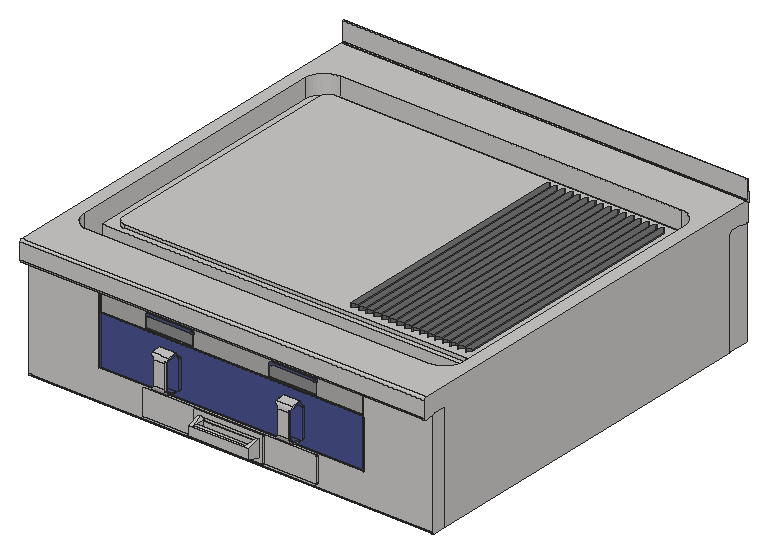
Revit family "QF_ELECTROLUXPROFESSIONAL_588410_MAHOABHOAO", category Specialty Equipment, Revit 2018
Family settings
  Round Connector Dimension = Use Diameter
  Part Type = Normal
  Work Plane-Based = No
  Always vertical = Yes
  Cut with Voids When Loaded = No
  Shared = No
  Room Calculation Point = No
Parameters
  Weight in Pounds = 264.6  # constant formula
  Watts = 15300 VA  # 15300 W
  Volts = 400 V  # constant formula
  URL Cutsheet = ""
  Type Mark [instance] = ""
  Status [instance] = ""
  Specification by User [instance] = ""
  Specification by Manufacturer = ""
  Show Clearance [instance] = yes
  Serial Number = ""
  Seismic Rating = ""
  SMACNA No = ""
  Revision Code [instance] = ""
  Phase = 3  # constant formula
  Omniclass Number and Title = ""
  Number of Poles [instance] = 1
  NAFEM Spec ID Number = ""
  Model = "588410"
  Min Ckt Ampacity = 0 A
  Max Overcurrent Protection = 0 A
  Masterspec = ""
  Manufacturer = "ELECTROLUX"
  Item Number [instance] = ""
  Installed By [instance] = ""
  Identify Quantity as Lot [instance] = yes
  HP = "20.5 HP"
  Furnished By [instance] = ""
  Foodservice Equipment Identifier [instance] = yes
  FL Amps [instance] = if(Phase = 3, Watts / (Volts * 1.73), Watts / Volts)  # 22.1098 A
  Electrical Remarks = "400 V/3N ph/50/60 Hz"  # constant formula
  Electric Connection Type [instance] = ""
  Elec Conn RI Height [instance] = 0 mm
  Elec Conn Connection Height [instance] = 0 mm
  Direct Waste Size = 0"
  Description = "EL.FRYTOP,MIXED PL,1S,BSPL,800X800X250H"
  Cycle [instance] = if([60 Hertz Option], 60 Hz, 50 Hz)  # 60 Hz
  Conn Plug = ""
  Conn Conduit = yes
  CSI MasterFormat = ""
  CSI Master Format = ""
  Apparent Power [instance] = if(Phase = 3, Volts * FL Amps * 1.73, Volts * FL Amps)  # 15300 VA
  60 Hertz Option [instance] = not([50 Hertz Option])  # yes
  50 Hertz Option [instance] = no
Reference planes
  plane 1 "BACK": y = -100
  plane 2: z = 0
  plane 3 "LEFT": x = 0
  plane 4 "RIGHT": x = 800
  plane 5 "FRONT": y = -900
  plane 6 "TOP": z = 250
  plane 7: x = 400
  plane 8: y = -500
  plane 9: z = 582.185
  plane 10: y = -1330
Forms (mm)
  Extrusion 1, solid, material "QF_Finishes_Stainless Steel"
    sketch origin (0, -487.128, 0) x (0, 1, 0) y (0, 0, 1)
      loop
        line (383.128, 250) -> (-408.872, 250)
        arc (-408.872, 250) -> (-411.7, 248.828) -> (-412.872, 246) r 4
        line (-412.872, 246) -> (-412.872, 214)
        arc (-412.872, 214) -> (-411.443, 210.936) -> (-408.177, 210.061) r 4
        line (-408.177, 210.061) -> (-391.509, 213) -> (-366.872, 213) -> (-366.872, 0) -> (341.128, 0) -> (341.128, 213) -> (365.765, 213) -> (382.433, 210.061)
        arc (382.433, 210.061) -> (385.699, 210.936) -> (387.128, 214) r 4
        line (387.128, 214) -> (387.128, 246)
        arc (387.128, 246) -> (385.956, 248.828) -> (383.128, 250) r 4
    from 0 to 800
  Extrusion 2, void
    sketch origin (653.786, -55.952, 250) x (1, 0, 0) y (0, -1, 0)
      loop
        line (-590.636, 133.048) -> (83.064, 133.048)
        arc (83.064, 133.048) -> (110.04, 144.222) -> (121.214, 171.198) r 38.15
        line (121.214, 171.198) -> (121.214, 716.572)
        arc (121.214, 716.572) -> (109.944, 743.779) -> (82.737, 755.048) r 38.476
        line (82.737, 755.048) -> (-591.786, 755.048)
        arc (-591.786, 755.048) -> (-617.949, 744.211) -> (-628.786, 718.048) r 37
        line (-628.786, 718.048) -> (-628.786, 171.198)
        arc (-628.786, 171.198) -> (-617.613, 144.222) -> (-590.636, 133.048) r 38.15
    from 0 to 37
  Extrusion 3, void
    sketch origin (1307.573, -7.904, 213) x (0, 1, 0) y (1, 0, 0)
      loop
        line (-721.846, -532.573) -> (-764.62, -532.573)
        arc (-764.62, -532.573) -> (-791.827, -543.842) -> (-803.096, -571.049) r 38.476
        line (-803.096, -571.049) -> (-803.096, -1245.573)
        arc (-803.096, -1245.573) -> (-792.259, -1271.736) -> (-766.096, -1282.573) r 37
        line (-766.096, -1282.573) -> (-721.846, -1282.573) -> (-721.846, -532.573)
    from 0 to 25.6
  Extrusion 4, void
    sketch origin (1612.573, -7.904, 187.4) x (-1, 0, 0) y (0, 1, 0)
      loop
        circle (1212.573, -762.096) r 22.248
    from 0 to 92
  Extrusion 5, solid, material "QF_Finishes_Stainless Steel"
    sketch origin (0, -754, 0) x (1, 0, 0) y (0, -1, 0)
      loop
        circle (755, -69) r 6.35
    from 0 to 3.2
  Extrusion 6, solid, material "QF_Door-Drawer Clearances", visible <- "Show Clearance", detail levels coarse
    sketch origin (437.203, -881.593, 8.62) x (0, 0, 1) y (-1, 0, 0)
      loop
        line (1.973, -134.295) -> (49.317, -134.295)
        arc (49.317, -134.295) -> (50.776, -133.691) -> (51.38, -132.232) r 2.063
        line (51.38, -132.232) -> (51.38, 206.852)
        arc (51.38, 206.852) -> (50.88, 208.549) -> (49.541, 209.705) r 3.133
        line (49.541, 209.705) -> (3.067, 209.705)
        arc (3.067, 209.705) -> (0.898, 208.807) -> (0, 206.638) r 3.067
        line (0, 206.638) -> (0, -132.322)
        arc (0, -132.322) -> (0.578, -133.717) -> (1.973, -134.295) r 1.973
    from 0 to 448.407
  Extrusion 7, solid, material "QF_Finishes_Stainless Steel"
    sketch origin (0, 0, 0) x (0, 1, 0) y (0, 0, 1)
      loop
        line (-102.951, 2) -> (-102.951, 210.133)
        arc (-102.951, 210.133) -> (-103.795, 210.009) -> (-104.646, 210.066) r 4
        line (-104.646, 210.066) -> (-121.287, 213) -> (-145, 213) -> (-145, 0) -> (-104.951, 0)
        arc (-104.951, 0) -> (-103.537, 0.586) -> (-102.951, 2) r 2
      loop
        arc (-101.951, 252.006) -> (-102.537, 250.592) -> (-103.951, 250.006) r 2
        arc (-103.951, 250.006) -> (-101.172, 248.828) -> (-100, 246) r 4
        line (-100, 246) -> (-100, 288.006) -> (-101.951, 288.006) -> (-101.951, 252.006)
    from 800 to 0
Cuts and joins
  Extrusion 2, Extrusion 3, Extrusion 4 cuts Extrusion 1
Lines and regions (mm)
  symbolic lines
    curve 1: line (261.519, -902.326, 0) -> (261.519, -900, 0)
    curve 2: spline (267.188, -903.73, 0) -> (266.709, -903.657, 0) -> (266.231, -903.575, 0) -> (265.754, -903.486, 0) -> (265.278, -903.389, 0) -> (264.804, -903.283, 0) -> (264.33, -903.17, 0) -> (263.858, -903.049, 0) -> (263.387, -902.92, 0) -> (262.918, -902.783, 0) -> (262.45, -902.638, 0) -> (261.984, -902.486, 0) -> (261.519, -902.326, 0)
    curve 3: line (293.735, -902.326, 0) -> (293.735, -900, 0)
    curve 4: spline (293.735, -902.326, 0) -> (293.27, -902.486, 0) -> (292.804, -902.638, 0) -> (292.337, -902.783, 0) -> (291.867, -902.92, 0) -> (291.396, -903.049, 0) -> (290.924, -903.17, 0) -> (290.451, -903.283, 0) -> (289.976, -903.389, 0) -> (289.5, -903.486, 0) -> (289.023, -903.575, 0) -> (288.545, -903.657, 0) -> (288.066, -903.73, 0)
    curve 5: line (267.188, -903.73, 0) -> (288.066, -903.73, 0)
    curve 6: line (538.481, -902.326, 0) -> (538.481, -900, 0)
    curve 7: spline (532.812, -903.73, 0) -> (533.291, -903.657, 0) -> (533.769, -903.575, 0) -> (534.246, -903.486, 0) -> (534.722, -903.389, 0) -> (535.196, -903.283, 0) -> (535.67, -903.17, 0) -> (536.142, -903.049, 0) -> (536.613, -902.92, 0) -> (537.082, -902.783, 0) -> (537.55, -902.638, 0) -> (538.016, -902.486, 0) -> (538.481, -902.326, 0)
    curve 8: line (506.265, -902.326, 0) -> (506.265, -900, 0)
    curve 9: spline (506.265, -902.326, 0) -> (506.73, -902.486, 0) -> (507.196, -902.638, 0) -> (507.663, -902.783, 0) -> (508.133, -902.92, 0) -> (508.604, -903.049, 0) -> (509.076, -903.17, 0) -> (509.549, -903.283, 0) -> (510.024, -903.389, 0) -> (510.5, -903.486, 0) -> (510.977, -903.575, 0) -> (511.455, -903.657, 0) -> (511.934, -903.73, 0)
    curve 10: line (532.812, -903.73, 0) -> (511.934, -903.73, 0)
    curve 11: line (25, -774, 0) -> (25, -227.15, 0)
    curve 12: arc (25, -227.15, 0) -> (36.174, -200.174, 0) -> (63.15, -189, 0) r 38.15
    curve 13: line (63.15, -189, 0) -> (736.85, -189, 0)
    curve 14: arc (736.85, -189, 0) -> (763.826, -200.174, 0) -> (775, -227.15, 0) r 38.15
    curve 15: line (775, -227.15, 0) -> (775, -772.524, 0)
    curve 16: arc (775, -772.524, 0) -> (763.731, -799.731, 0) -> (736.524, -811, 0) r 38.476
    curve 17: line (736.524, -811, 0) -> (62, -811, 0)
    curve 18: arc (62, -811, 0) -> (35.837, -800.163, 0) -> (25, -774, 0) r 37
    curve 19: line (775, -729.75, 0) -> (25, -729.75, 0)
    curve 20: circle (400, -770, 0) r 22.248 normal (0, 0, -1)
    curve 21: line (0, -100, 0) -> (800, -100, 0)
    curve 22: line (0, -900, 0) -> (0, -100, 0)
    curve 23: line (800, -900, 0) -> (0, -900, 0)
    curve 24: line (800, -100, 0) -> (800, -900, 0)
    curve 25: line (347.608, -908.767, 0) -> (450.042, -908.767, 0)
    curve 26: line (450.042, -908.767, 0) -> (451.588, -900, 0)
    curve 27: line (347.608, -908.767, 0) -> (346.062, -900, 0)
    curve 31: line (736.85, -199.163, 0) -> (63.15, -199.163, 0)
    curve 32: arc (63.15, -199.163, 0) -> (50.316, -204.479, 0) -> (45, -217.313, 0) r 18.15
    curve 33: line (45, -217.313, 0) -> (45, -701.437, 0)
    curve 34: arc (45, -701.437, 0) -> (50.316, -714.271, 0) -> (63.15, -719.587, 0) r 18.15
    curve 35: line (63.15, -719.587, 0) -> (736.85, -719.587, 0)
    curve 36: arc (736.85, -719.587, 0) -> (749.684, -714.271, 0) -> (755, -701.437, 0) r 18.15
    curve 37: line (755, -701.437, 0) -> (755, -217.313, 0)
    curve 38: arc (755, -217.313, 0) -> (749.684, -204.479, 0) -> (736.85, -199.163, 0) r 18.15
  symbolic lines, style "QF_Door-Drawer Clearances"
    curve 28: line (227.498, -1330, 0) -> (227.498, -900, 0)
    curve 29: line (227.498, -1330, 0) -> (571.498, -1330, 0)
    curve 30: line (571.498, -1330, 0) -> (571.498, -900, 0)
Dimensions and locks
  plane 3 "LEFT" to plane 4 "RIGHT" = 800 mm
  plane 5 "FRONT" to plane 1 "BACK" = 800 mm
  equal spacing: plane 3 "LEFT", plane 7, plane 4 "RIGHT"
  equal spacing: plane 5 "FRONT", plane 8, plane 1 "BACK"
  plane 6 "TOP" to level = 250 mm  (x2)
  plane 1 "BACK" to plane 5 "FRONT" = 800 mm
  Extrusion 5 sketch curve to plane 1 "BACK" = 585 mm
  Extrusion 5 sketch curve to plane 4 "RIGHT" = 45 mm
  plane 5 "FRONT" to plane 10 = 430 mm
  aligned and locked: level to plane 2
  aligned and locked: Extrusion 6 to plane 10
  aligned and locked: cut or joined group of Extrusion 1, Extrusion 2, Extrusion 3, Extrusion 4 to plane 4 "RIGHT"
  aligned and locked: plane 7 to nested 1
  aligned and locked: Extrusion 7 to plane 4 "RIGHT"
Automatic sketch dimensions
  Extrusion 1 to Extrusion 2 sketch curve = 85 mm  (x2)
  Extrusion 1 to Extrusion 2 sketch curve = 122 mm
  Extrusion 1 to Extrusion 2 sketch curve = 25 mm
  Extrusion 2 sketch curve to Extrusion 2 sketch curve = 38.15 mm  (x2)
  Extrusion 1 to Extrusion 2 sketch curve = 123.476 mm
  Extrusion 2 sketch curve to Extrusion 2 sketch curve = 674.524 mm
  Extrusion 1 sketch curve to plane 5 "FRONT" = 0 mm
  Extrusion 1 sketch curve to plane 6 "TOP" = 0 mm
  Extrusion 1 sketch curve to level = 0 mm
  Extrusion 1 sketch curve to plane 1 "BACK" = 0 mm
  Extrusion 1 sketch curve to plane 6 "TOP" = 37 mm  (x2)
  Extrusion 1 sketch curve to plane 5 "FRONT" = 4 mm
  Extrusion 1 sketch curve to plane 5 "FRONT" = 21.363 mm
  Extrusion 1 sketch curve to plane 5 "FRONT" = 46 mm
  plane 1 "BACK" to Extrusion 1 sketch curve = 21.363 mm
  plane 1 "BACK" to Extrusion 1 sketch curve = 4 mm  (x2)
  Extrusion 1 sketch curve to Extrusion 1 sketch curve = 4 mm
  Extrusion 1 sketch curve to Extrusion 1 sketch curve = 0.695 mm
  Extrusion 1 sketch curve to Extrusion 1 sketch curve = 0 mm  (x4)
  plane 1 "BACK" to Extrusion 1 sketch curve = 4.695 mm
  Extrusion 1 sketch curve to Extrusion 1 sketch curve = 1 mm  (x2)
  plane 1 "BACK" to Extrusion 1 sketch curve = 46 mm
  Extrusion 3 sketch curve to Extrusion 2 = 81.25 mm
  Extrusion 2 to Extrusion 3 sketch curve = 0 mm  (x2)
  Extrusion 3 sketch curve to Extrusion 3 sketch curve = 37 mm
  Extrusion 3 sketch curve to Extrusion 3 sketch curve = 674.524 mm
  Extrusion 3 sketch curve to Extrusion 2 = 38.476 mm
  Extrusion 4 sketch curve to Extrusion 3 = 41 mm
  Extrusion 4 sketch curve to Extrusion 3 = 375 mm
  plane 1 "BACK" to curve 21 = 0 mm
  curve 21 to plane 4 "RIGHT" = 0 mm
  curve 28 to plane 10 = 0 mm
  curve 22 to plane 3 "LEFT" = 0 mm
  plane 5 "FRONT" to curve 30 = 0 mm
  plane 4 "RIGHT" to curve 15 = 25 mm
  curve 15 to curve 13 = 38.15 mm
  curve 16 to curve 17 = 38.476 mm
  plane 5 "FRONT" to curve 6 = 2.326 mm
  plane 7 to curve 6 = 138.481 mm
  plane 5 "FRONT" to curve 10 = 3.73 mm
  curve 7 to curve 10 = 5.669 mm
  plane 5 "FRONT" to curve 26 = 8.767 mm
  curve 7 to curve 26 = 82.77 mm
  curve 10 to curve 25 = 61.891 mm
  plane 5 "FRONT" to curve 8 = 2.326 mm
  curve 10 to curve 8 = 5.669 mm
  plane 5 "FRONT" to curve 3 = 2.326 mm
  curve 3 to plane 7 = 106.265 mm
  plane 5 "FRONT" to curve 5 = 3.73 mm
  curve 3 to curve 5 = 5.669 mm
  curve 27 to curve 5 = 59.542 mm
  curve 25 to curve 5 = 80.42 mm
  plane 5 "FRONT" to curve 1 = 2.326 mm
  curve 2 to curve 1 = 5.669 mm
  plane 3 "LEFT" to curve 13 = 63.15 mm
  plane 3 "LEFT" to curve 17 = 62 mm
  plane 3 "LEFT" to curve 28 = 227.498 mm
  plane 3 "LEFT" to curve 11 = 25 mm
  plane 4 "RIGHT" to curve 30 = 228.502 mm
  curve 6 to curve 7 = 9.839 mm
  curve 7 to curve 9 = 12.538 mm
  curve 9 to curve 26 = 64.516 mm
  plane 5 "FRONT" to curve 4 = 4.032 mm
  curve 5 to curve 4 = 4.17 mm
  curve 27 to curve 4 = 62.166 mm
  curve 4 to curve 2 = 12.538 mm
  curve 20 to curve 18 = 338 mm
  plane 1 "BACK" to curve 13 = 89 mm
  curve 15 to plane 5 "FRONT" = 127.476 mm
  curve 19 to curve 18 = 44.25 mm
  curve 20 to curve 18 = 4 mm
  curve 7 to plane 5 "FRONT" = 39.101 mm
  curve 9 to curve 7 = 0 mm
  curve 2 to curve 4 = 0 mm
  level to Extrusion 6 sketch curve = 8.62 mm
  level to Extrusion 6 sketch curve = 57.937 mm
  plane 7 to Extrusion 6 sketch curve = 171.498 mm
  Extrusion 6 sketch curve to Extrusion 6 sketch curve = 1.973 mm
  Extrusion 6 sketch curve to Extrusion 6 sketch curve = 3.067 mm
  Extrusion 6 sketch curve to Extrusion 6 sketch curve = 46.474 mm
  Extrusion 6 sketch curve to Extrusion 6 sketch curve = 2.063 mm
  Extrusion 6 sketch curve to Extrusion 6 sketch curve = 3.133 mm
  Extrusion 6 sketch curve to plane 7 = 169.435 mm
  Extrusion 7 sketch curve to level = 0 mm
  Extrusion 7 sketch curve to plane 1 "BACK" = 0 mm  (x2)
  level to Extrusion 7 sketch curve = 2 mm
  Extrusion 7 sketch curve to plane 6 "TOP" = 0 mm
  plane 1 "BACK" to Extrusion 7 sketch curve = 1.951 mm
  plane 1 "BACK" to Extrusion 7 sketch curve = 2.951 mm
  Extrusion 7 sketch curve to Extrusion 7 sketch curve = 18.335 mm
  Extrusion 7 sketch curve to Extrusion 7 sketch curve = 40.049 mm
  Extrusion 7 sketch curve to Extrusion 7 sketch curve = 1.695 mm
  Extrusion 7 sketch curve to Extrusion 7 sketch curve = 0 mm  (x3)
  plane 1 "BACK" to Extrusion 7 sketch curve = 4 mm
  plane 1 "BACK" to Extrusion 7 sketch curve = 3.951 mm
  Extrusion 7 sketch curve to Extrusion 7 sketch curve = 2 mm
  Extrusion 7 sketch curve to Extrusion 7 sketch curve = 35.867 mm
  Extrusion 7 sketch curve to plane 6 "TOP" = 37 mm
  plane 6 "TOP" to Extrusion 7 sketch curve = 2.006 mm
  Extrusion 7 sketch curve to Extrusion 7 sketch curve = 36 mm
  Extrusion 7 sketch curve to Extrusion 7 sketch curve = 0.066 mm
  plane 4 "RIGHT" to curve 37 = 45 mm
  plane 4 "RIGHT" to curve 31 = 63.15 mm
  plane 1 "BACK" to curve 31 = 99.163 mm
  curve 36 to curve 35 = 18.15 mm
  curve 31 to curve 13 = 0 mm
  curve 35 to curve 19 = 38.15 mm
  curve 34 to curve 33 = 18.15 mm
  curve 33 to curve 19 = 28.313 mm
  radius of Extrusion 4 sketch curve = 22.248 mm
  radius of Extrusion 5 sketch curve = 6.35 mm
  radius of curve 20 = 22.248 mm
Nested families
  nested 1: "EG_800_800 Front Panel with Center Grease Trap" at (402.376, -854, -650), type "EG_800_800 Front Panel with Center Grease Trap"
    with Width 800 mm
  nested 2: "EFTU_800_800 mm Half Grate" at (400, -409.375, -675), type "EFTU_800_800 mm Half Grate"
Connectors
  electrical at (755, -685, -3.2), driven by "Volts", driven by "Watts"
    settings: on Extrusion 5, index 1, voltage 400 V, apparent load 15300 VA, apparent load phase1 0 VA, apparent load phase2 0 VA, apparent load phase3 0 VA, power factor 1, load classification "Other", number of poles 1, system type 30, power factor state 1, is connector primary yes, connector utility no, sub classification motor no, connector description "ELECTRICAL CONNECTION"
Definition of nested family "EG_800_800 Front Panel with Center Grease Trap"
  Parameters
    Width [instance] = 800 mm
  Reference planes
    plane 1 "Center (Front/Back)": y = 0
    plane 2: z = 0
    plane 3 "Center (Left/Right)": x = -2.376
    plane 4: x = -402.376
    plane 5: x = 397.624
  Forms (mm)
    Extrusion 1, solid
      sketch origin (833.217, 829.203, -1.25) x (0, 1, 0) y (0, 0, 1)
        loop
          arc (-854.203, 654.25) -> (-853.324, 652.129) -> (-851.203, 651.25) r 3
          line (-851.203, 651.25) -> (-829.203, 651.25) -> (-829.203, 864.25) -> (-854.203, 864.25) -> (-854.203, 654.25)
      from -1235.593 to -435.593
    Extrusion 2, void
      sketch origin (33.217, 829.203, -1.25) x (1, 0, 0) y (0, 0, 1)
        loop
          line (-298.093, 855.116) -> (-298.093, 713.116) -> (226.907, 713.116) -> (226.907, 855.116) -> (-298.093, 855.116)
      from 848.59 to 854.203
  Cuts and joins
    Extrusion 2 cuts Extrusion 1
  Dimensions and locks
    equal spacing: plane 5, plane 3 "Center (Left/Right)", plane 4
    "Width": plane 5 to plane 4
    aligned and locked: cut or joined group of Extrusion 1, Extrusion 2 to plane 4
    aligned and locked: plane 5 to cut or joined group of Extrusion 1, Extrusion 2
    aligned and locked: plane 3 "Center (Left/Right)" to nested 2
    aligned and locked: cut or joined group of Extrusion 1, Extrusion 2 to nested 2
  Automatic sketch dimensions
    Extrusion 1 sketch curve to plane 1 "Center (Front/Back)" = 0 mm
    plane 1 "Center (Front/Back)" to Extrusion 1 sketch curve = 22 mm
    Extrusion 1 sketch curve to Extrusion 1 sketch curve = 3 mm
    level to Extrusion 1 sketch curve = 650 mm
    Extrusion 1 sketch curve to Extrusion 1 sketch curve = 210 mm
    plane 4 to Extrusion 2 sketch curve = 137.5 mm
    Extrusion 2 sketch curve to plane 5 = 137.5 mm
    level to Extrusion 2 sketch curve = 711.866 mm
    Extrusion 2 sketch curve to Extrusion 2 sketch curve = 142 mm
  Nested families
    nested 1: "Range Control Handle" at (-124.522, -28.137, -209.113) x (-1, 0, 0) z (0, 0, 1), type "Range Control Handle"
    nested 2: "800 Panel - Glass conrol panel" at (-30.376, 280.644, 2.752), type "800 Panel - Glass conrol panel"
      with Width 525 mm
    nested 3: "800 Panel - Grease trap door" at (65.223, -25, 0.608) x (-1, 0, 0) z (0, 0, 1), type "800 Panel - Grease trap door"
    nested 4: "Range Control Handle" at (119.771, -28.137, -209.113), type "Range Control Handle"
  Definition of nested family "Range Control Handle"
    Reference planes
      plane 1 "Center (Front/Back)": y = 0
      plane 2: z = 0
      plane 3 "Center (Left/Right)": x = 0
      plane 4: z = 971.092
    Forms (mm)
      Extrusion 1, solid
        sketch origin (-746.28, 380.497, 208.931) x (-1, 0, 0) y (0, 0, 1)
          loop
            line (-770.101, 786.798) -> (-770.101, 731.649)
            arc (-770.101, 731.649) -> (-769.759, 730.563) -> (-768.855, 729.87) r 1.893
            line (-768.855, 729.87) -> (-763.474, 727.911) -> (-729.81, 727.911) -> (-724.428, 729.87)
            arc (-724.428, 729.87) -> (-723.525, 730.563) -> (-723.183, 731.649) r 1.893
            line (-723.183, 731.649) -> (-723.183, 786.798)
            arc (-723.183, 786.798) -> (-723.529, 787.894) -> (-724.44, 788.593) r 1.91
            line (-724.44, 788.593) -> (-729.683, 790.819) -> (-763.601, 790.819) -> (-768.844, 788.593)
            arc (-768.844, 788.593) -> (-769.755, 787.894) -> (-770.101, 786.798) r 1.91
        from -382.35 to -378.852
      Sweep 2, solid
        path origin (-746.788, 380.496, 208.091) x (0, -1, 0) y (0, 0, 1)
          loop
            line (379.775, 793.281) -> (395.661, 791.048)
            arc (395.661, 791.048) -> (397.781, 787.377) -> (398.517, 783.202) r 12.207
            line (398.517, 783.202) -> (398.517, 737.368)
            arc (398.517, 737.368) -> (397.781, 733.193) -> (395.661, 729.522) r 12.207
            line (395.661, 729.522) -> (379.775, 727.289)
        profile origin (-746.788, -7.222, 1000.256) x (0, -0.139173, 0.990268) y (-1, 0, 0)
          loop
            line (0.782, -763.123) -> (0.782, -730.907) -> (-1.322, -730.907) -> (-1.322, -763.123) -> (0.782, -763.123)
      Sweep 3, solid
        path origin (-746.788, 380.715, 207.832) x (0, -1, 0) y (0, 0, 1)
          loop
            line (380.478, 795.442) -> (397.218, 793.09)
            arc (397.218, 793.09) -> (399.929, 788.473) -> (400.871, 783.202) r 15.207
            line (400.871, 783.202) -> (400.871, 737.584)
            arc (400.871, 737.584) -> (399.914, 732.274) -> (397.164, 727.633) r 15.207
            line (397.164, 727.633) -> (380.601, 725.305)
        profile origin (-746.788, -8.132, 1002.099) x (0, -0.139173, 0.990268) y (-1, 0, 0)
          loop
            line (0.782, -763.123) -> (0.782, -730.907) -> (-1.322, -730.907) -> (-1.322, -763.123) -> (0.782, -763.123)
      Extrusion 4, void
        sketch origin (889.253, 220.666, 207.993) x (1, 0, 0) y (0, 0, 1)
          loop
            line (-943.038, 816.854) -> (-943.038, 703.686) -> (-899.466, 734.196) -> (-899.466, 786.344) -> (-943.038, 816.854)
        from 230.636 to 242.25
      Extrusion 5, void
        sketch origin (-888.8, 220.666, 207.993) x (-1, 0, 0) y (0, 0, -1)
          loop
            line (-943.038, -816.854) -> (-899.466, -786.344) -> (-899.466, -734.196) -> (-943.038, -703.686) -> (-943.038, -816.854)
        from 230.636 to 242.25
      Extrusion 6, solid
        sketch origin (0, 0, 0) x (1, 0, 0) y (0, 0, 1)
          loop
            circle (0, 971.092) r 7.736
        from -3.137 to -1.645
    Cuts and joins
      Extrusion 4, Extrusion 5 cuts Sweep 3
      Extrusion 4, Extrusion 5 cuts Sweep 2
      joined: Extrusion 1, Extrusion 6
    Lines and regions (mm)
      symbolic lines
        curve 1: line (23.821, 1.645, 0) -> (-23.097, 1.645, 0)
        curve 2: line (16.334, -1.853, 0) -> (23.821, -1.853, 0)
        curve 3: line (-15.881, -19.189, 0) -> (-15.881, -1.853, 0)
        curve 4: line (-23.097, -1.853, 0) -> (-15.881, -1.853, 0)
        curve 5: line (16.334, -19.189, 0) -> (16.334, -1.853, 0)
        curve 6: spline (-15.881, -19.189, 0) -> (-15.417, -19.349, 0) -> (-14.951, -19.501, 0) -> (-14.483, -19.646, 0) -> (-14.014, -19.783, 0) -> (-13.543, -19.912, 0) -> (-13.071, -20.033, 0) -> (-12.597, -20.146, 0) -> (-12.122, -20.251, 0) -> (-11.646, -20.349, 0) -> (-11.169, -20.438, 0) -> (-10.691, -20.52, 0) -> (-10.213, -20.593, 0)
        curve 7: spline (10.666, -20.593, 0) -> (11.144, -20.52, 0) -> (11.622, -20.438, 0) -> (12.099, -20.349, 0) -> (12.575, -20.251, 0) -> (13.05, -20.146, 0) -> (13.524, -20.033, 0) -> (13.996, -19.912, 0) -> (14.467, -19.783, 0) -> (14.936, -19.646, 0) -> (15.404, -19.501, 0) -> (15.87, -19.349, 0) -> (16.334, -19.189, 0)
        curve 8: line (-10.213, -20.938, 0) -> (10.716, -20.938, 0)
        curve 9: line (-23.097, 1.645, 0) -> (-23.097, -1.853, 0)
        curve 10: line (23.821, 1.645, 0) -> (23.821, -1.853, 0)
  Definition of nested family "800 Panel - Glass conrol panel"
    Parameters
      Width [instance] = 525 mm
    Reference planes
      plane 1 "Center (Front/Back)": y = 0
      plane 2: z = 0
      plane 3 "Center (Left/Right)": x = 28
      plane 4: x = -234.5
      plane 5: x = 290.5
    Forms (mm)
      Extrusion 1, solid
        sketch origin (378.286, 0, 0.617) x (1, 0, 0) y (0, 0, 1)
          loop
            line (-612.786, 806.791) -> (-612.786, 708.497) -> (-87.786, 708.497) -> (-87.786, 806.791) -> (-612.786, 806.791)
        from 300.031 to 304.8
      Extrusion 2, solid
        sketch origin (378.286, 0, 0.617) x (1, 0, 0) y (0, 0, 1)
          loop
            line (-612.786, 850.497) -> (-612.786, 806.791) -> (-87.786, 806.791) -> (-87.786, 850.497) -> (-612.786, 850.497)
        from 300.031 to 304.8
      Extrusion 3, void
        sketch origin (378.286, 0, 0.617) x (1, 0, 0) y (0, 0, 1)
          loop
            line (-610.128, 847.565) -> (-610.128, 710.699) -> (-90.696, 710.699) -> (-90.696, 847.565) -> (-610.128, 847.565)
        from 303.697 to 304.8
      Extrusion 4, solid
        sketch origin (-430.455, 1.101, -0.633) x (-1, 0, 0) y (0, 0, -1)
          loop
            line (-289.431, -812.62) -> (-383.186, -812.62) -> (-383.186, -834.177) -> (-378.269, -834.177) -> (-376.469, -835.977) -> (-296.039, -835.977) -> (-294.24, -834.177) -> (-289.431, -834.177) -> (-289.431, -812.62)
        from 304.798 to 306.745
      Extrusion 5, solid
        sketch origin (-430.455, 1.101, -0.633) x (-1, 0, 0) y (0, 0, -1)
          loop
            line (-378.269, -834.177) -> (-383.078, -834.177)
            arc (-383.078, -834.177) -> (-381.942, -838.747) -> (-377.686, -840.763) r 5.5
            line (-377.686, -840.763) -> (-294.98, -840.763)
            arc (-294.98, -840.763) -> (-290.706, -838.752) -> (-289.529, -834.177) r 5.549
            line (-289.529, -834.177) -> (-294.24, -834.177) -> (-296.039, -835.977) -> (-376.469, -835.977) -> (-378.269, -834.177)
        from 304.798 to 306.745
      Extrusion 6, solid
        sketch origin (486.455, 1.101, -0.633) x (1, 0, 0) y (0, 0, 1)
          loop
            line (-289.431, 812.62) -> (-289.431, 834.177) -> (-294.24, 834.177) -> (-296.039, 835.977) -> (-376.469, 835.977) -> (-378.269, 834.177) -> (-383.186, 834.177) -> (-383.186, 812.62) -> (-289.431, 812.62)
        from 304.798 to 306.745
      Extrusion 7, solid
        sketch origin (486.455, 1.101, -0.633) x (1, 0, 0) y (0, 0, 1)
          loop
            line (-378.269, 834.177) -> (-376.469, 835.977) -> (-296.039, 835.977) -> (-294.24, 834.177) -> (-289.529, 834.177)
            arc (-289.529, 834.177) -> (-290.706, 838.752) -> (-294.98, 840.763) r 5.549
            line (-294.98, 840.763) -> (-377.686, 840.763)
            arc (-377.686, 840.763) -> (-381.942, 838.747) -> (-383.078, 834.177) r 5.5
            line (-383.078, 834.177) -> (-378.269, 834.177)
        from 304.798 to 306.745
    Cuts and joins
      Extrusion 3 cuts Extrusion 1
      Extrusion 3 cuts Extrusion 2
    Dimensions and locks
      "Width": plane 5 to plane 4
      equal spacing: plane 5, plane 3 "Center (Left/Right)", plane 4
      aligned and locked: Extrusion 1 to Extrusion 2
      aligned and locked: Extrusion 5 to Extrusion 4
      aligned and locked: plane 5 to cut or joined group of Extrusion 1, Extrusion 3
      aligned and locked: plane 5 to cut or joined group of Extrusion 2, Extrusion 3
      aligned and locked: cut or joined group of Extrusion 1, Extrusion 3 to plane 4
      aligned and locked: cut or joined group of Extrusion 2, Extrusion 3 to plane 4
      aligned and locked: Extrusion 7 to Extrusion 6
    Automatic sketch dimensions
      Extrusion 1 sketch curve to plane 4 = 0 mm
      Extrusion 1 sketch curve to plane 5 = 0 mm
      level to Extrusion 1 sketch curve = 709.114 mm
      Extrusion 1 sketch curve to Extrusion 1 sketch curve = 98.294 mm
      Extrusion 2 sketch curve to plane 4 = 0 mm
      Extrusion 2 sketch curve to plane 5 = 0 mm
      level to Extrusion 2 sketch curve = 807.408 mm
      Extrusion 2 sketch curve to Extrusion 2 sketch curve = 43.706 mm
      plane 4 to Extrusion 3 sketch curve = 2.658 mm
      level to Extrusion 3 sketch curve = 711.316 mm
      Extrusion 3 sketch curve to plane 5 = 2.909 mm
      Extrusion 3 sketch curve to Extrusion 3 sketch curve = 136.866 mm
      Extrusion 4 sketch curve to plane 3 "Center (Left/Right)" = 75.269 mm
      plane 4 to Extrusion 4 sketch curve = 100.084 mm
      level to Extrusion 4 sketch curve = 835.343 mm
      Extrusion 4 sketch curve to Extrusion 4 sketch curve = 4.917 mm
      Extrusion 4 sketch curve to Extrusion 4 sketch curve = 1.8 mm  (x4)
      Extrusion 4 sketch curve to Extrusion 4 sketch curve = 4.809 mm
      Extrusion 4 sketch curve to Extrusion 4 sketch curve = 21.557 mm
      Extrusion 5 sketch curve to plane 3 "Center (Left/Right)" = 75.377 mm
      Extrusion 5 sketch curve to plane 3 "Center (Left/Right)" = 80.769 mm
      level to Extrusion 5 sketch curve = 840.129 mm
      Extrusion 5 sketch curve to Extrusion 5 sketch curve = 0.583 mm
      Extrusion 5 sketch curve to Extrusion 5 sketch curve = 1.217 mm
      Extrusion 5 sketch curve to Extrusion 5 sketch curve = 80.43 mm
      Extrusion 5 sketch curve to Extrusion 5 sketch curve = 1.059 mm
      Extrusion 5 sketch curve to Extrusion 5 sketch curve = 0.741 mm
      Extrusion 5 sketch curve to Extrusion 5 sketch curve = 4.711 mm
      Extrusion 5 sketch curve to Extrusion 5 sketch curve = 4.786 mm
      Extrusion 5 sketch curve to Extrusion 5 sketch curve = 1.8 mm  (x2)
      plane 3 "Center (Left/Right)" to Extrusion 6 sketch curve = 75.269 mm
      level to Extrusion 6 sketch curve = 811.987 mm
      Extrusion 6 sketch curve to Extrusion 6 sketch curve = 4.917 mm
      Extrusion 6 sketch curve to Extrusion 6 sketch curve = 1.8 mm  (x3)
      Extrusion 6 sketch curve to Extrusion 6 sketch curve = 80.43 mm
      Extrusion 6 sketch curve to Extrusion 6 sketch curve = 4.809 mm
      Extrusion 6 sketch curve to Extrusion 6 sketch curve = 21.557 mm  (x2)
      plane 3 "Center (Left/Right)" to Extrusion 7 sketch curve = 75.377 mm
      plane 3 "Center (Left/Right)" to Extrusion 7 sketch curve = 80.186 mm
      level to Extrusion 7 sketch curve = 833.543 mm
      Extrusion 7 sketch curve to Extrusion 7 sketch curve = 0.583 mm
      Extrusion 7 sketch curve to Extrusion 7 sketch curve = 1.217 mm
      Extrusion 7 sketch curve to Extrusion 7 sketch curve = 80.43 mm
      Extrusion 7 sketch curve to Extrusion 7 sketch curve = 1.059 mm
      Extrusion 7 sketch curve to Extrusion 7 sketch curve = 0.741 mm
      Extrusion 7 sketch curve to Extrusion 7 sketch curve = 4.711 mm
      Extrusion 7 sketch curve to Extrusion 7 sketch curve = 0 mm
      Extrusion 7 sketch curve to Extrusion 7 sketch curve = 1.8 mm
      Extrusion 7 sketch curve to Extrusion 7 sketch curve = 4.786 mm
  Definition of nested family "800 Panel - Grease trap door"
    Reference planes
      plane 1 "Center (Front/Back)": y = 0
      plane 2: z = 0
      plane 3 "Center (Left/Right)": x = 0
    Forms (mm)
      Extrusion 1, solid
        sketch origin (1627.55, 854.203, -1.25) x (1, 0, 0) y (0, 0, 1)
          loop
            arc (-1627.55, 661.235) -> (-1626.972, 659.84) -> (-1625.577, 659.262) r 1.973
            line (-1625.577, 659.262) -> (-1494.325, 659.262)
            arc (-1494.325, 659.262) -> (-1492.156, 660.16) -> (-1491.258, 662.329) r 3.067
            line (-1491.258, 662.329) -> (-1491.258, 708.803)
            arc (-1491.258, 708.803) -> (-1492.414, 710.143) -> (-1494.111, 710.642) r 3.133
            line (-1494.111, 710.642) -> (-1625.486, 710.642)
            arc (-1625.486, 710.642) -> (-1626.945, 710.038) -> (-1627.55, 708.579) r 2.063
            line (-1627.55, 708.579) -> (-1627.55, 661.235)
        from 856.795 to 859.203
      Extrusion 2, solid
        sketch origin (445.874, 2476.61, 0) x (0, 1, 0) y (0, 0, 1)
          loop
            line (-2506.377, 675.273) -> (-2481.61, 667.505) -> (-2481.61, 700.995) -> (-2506.377, 693.227) -> (-2506.377, 675.273)
        from -437.68 to -317.68
      Extrusion 3, void
        sketch origin (1627.55, 854.203, -1.25) x (1, 0, 0) y (0, 0, 1)
          loop
            line (-1614.883, 703) -> (-1610.542, 695.433) -> (-1508.17, 695.433) -> (-1503.828, 703) -> (-1614.883, 703)
          loop
            line (-1614.883, 668) -> (-1502.669, 668) -> (-1507.01, 675.567) -> (-1610.542, 675.567) -> (-1614.883, 668)
        from 832.916 to 883.97
      Extrusion 4, void
        sketch origin (447.55, 854.203, -1.25) x (1, 0, 0) y (0, 0, 1)
          loop
            line (-430.542, 695.433) -> (-430.542, 675.567) -> (-328.17, 675.567) -> (-328.17, 695.433) -> (-430.542, 695.433)
        from 859.203 to 874.202
      Extrusion 5, solid
        sketch origin (1627.55, 854.203, -1.25) x (1, 0, 0) y (0, 0, 1)
          loop
            line (-1390.516, 710.642) -> (-1729.386, 710.642)
            arc (-1729.386, 710.642) -> (-1730.845, 710.038) -> (-1731.449, 708.579) r 2.063
            line (-1731.449, 708.579) -> (-1731.449, 661.235)
            arc (-1731.449, 661.235) -> (-1730.871, 659.84) -> (-1729.476, 659.262) r 1.973
            line (-1729.476, 659.262) -> (-1390.516, 659.262)
            arc (-1390.516, 659.262) -> (-1388.347, 660.16) -> (-1387.449, 662.329) r 3.067
            line (-1387.449, 662.329) -> (-1387.449, 707.485)
            arc (-1387.449, 707.485) -> (-1388.347, 709.653) -> (-1390.516, 710.552) r 3.067
        from 854.203 to 856.795
    Cuts and joins
      Extrusion 3 cuts Extrusion 1
      Extrusion 3, Extrusion 4 cuts Extrusion 2
      joined: Extrusion 1, Extrusion 2
    Lines and regions (mm)
      symbolic lines
        curve 1: line (0, -2.593, 0) -> (136.292, -2.593, 0)
        curve 2: line (17.557, -29.767, 0) -> (12.667, -2.593, 0)
        curve 3: line (17.557, -29.767, 0) -> (119.991, -29.767, 0)
        curve 4: line (119.991, -29.767, 0) -> (124.881, -2.593, 0)
        curve 5: line (68.146, -2.593, 0) -> (68.146, -29.767, 0)
      model lines
        curve 6: line (67.599, 0, 658.012) -> (67.599, 0, 709.392)
    Dimensions and locks
      aligned and locked: Extrusion 2 to Extrusion 1
      aligned and locked: Extrusion 3 to Extrusion 2
      aligned and locked: Extrusion 4 to Extrusion 1
Definition of nested family "EFTU_800_800 mm Half Grate"
  Parameters
    Length = 662 mm
    Array = Length / 15 mm  # 44
  Reference planes
    plane 1 "Center (Front/Back)": y = 0
    plane 2: z = 0
    plane 3 "Center (Left/Right)": x = 0
    plane 4: x = -355
    plane 5: x = 355
    plane 6: z = 900
    plane 7: z = 888
    plane 8: x = -331
    plane 9: x = 331
  Forms (mm)
    Extrusion 1, solid
      sketch origin (453.786, 467.26, 0) x (1, 0, 0) y (0, 1, 0)
        loop
          line (-808.786, -275.198) -> (-808.786, -760.472)
          arc (-808.786, -760.472) -> (-803.807, -772.493) -> (-791.786, -777.472) r 17
          line (-791.786, -777.472) -> (-116.936, -777.472)
          arc (-116.936, -777.472) -> (-104.102, -772.156) -> (-98.786, -759.322) r 18.15
          line (-98.786, -759.322) -> (-98.786, -275.198)
          arc (-98.786, -275.198) -> (-104.102, -262.364) -> (-116.936, -257.048) r 18.15
          line (-116.936, -257.048) -> (-790.636, -257.048)
          arc (-790.636, -257.048) -> (-803.47, -262.364) -> (-808.786, -275.198) r 18.15
      from 888 to 894.474
  Lines and regions (mm)
    symbolic lines
      curve 1: line (324.5, -295.767, 0) -> (318, -286.484, 0)
      curve 2: line (331, -286.484, 0) -> (324.5, -295.767, 0)
      curve 3: line (98.105, -295.767, 0) -> (91.605, -286.484, 0)
      curve 4: line (104.605, -286.484, 0) -> (98.105, -295.767, 0)
      curve 5: line (113.198, -295.767, 0) -> (106.698, -286.484, 0)
      curve 6: line (119.698, -286.484, 0) -> (113.198, -295.767, 0)
      curve 7: line (128.291, -295.767, 0) -> (121.791, -286.484, 0)
      curve 8: line (134.791, -286.484, 0) -> (128.291, -295.767, 0)
      curve 9: line (143.384, -295.767, 0) -> (136.884, -286.484, 0)
      curve 10: line (149.884, -286.484, 0) -> (143.384, -295.767, 0)
      curve 11: line (158.477, -295.767, 0) -> (151.977, -286.484, 0)
      curve 12: line (164.977, -286.484, 0) -> (158.477, -295.767, 0)
      curve 13: line (173.57, -295.767, 0) -> (167.07, -286.484, 0)
      curve 14: line (180.07, -286.484, 0) -> (173.57, -295.767, 0)
      curve 15: line (188.663, -295.767, 0) -> (182.163, -286.484, 0)
      curve 16: line (195.163, -286.484, 0) -> (188.663, -295.767, 0)
      curve 17: line (203.756, -295.767, 0) -> (197.256, -286.484, 0)
      curve 18: line (210.256, -286.484, 0) -> (203.756, -295.767, 0)
      curve 19: line (218.849, -295.767, 0) -> (212.349, -286.484, 0)
      curve 20: line (225.349, -286.484, 0) -> (218.849, -295.767, 0)
      curve 21: line (233.942, -295.767, 0) -> (227.442, -286.484, 0)
      curve 22: line (240.442, -286.484, 0) -> (233.942, -295.767, 0)
      curve 23: line (249.035, -295.767, 0) -> (242.535, -286.484, 0)
      curve 24: line (255.535, -286.484, 0) -> (249.035, -295.767, 0)
      curve 25: line (264.128, -295.767, 0) -> (257.628, -286.484, 0)
      curve 26: line (270.628, -286.484, 0) -> (264.128, -295.767, 0)
      curve 27: line (279.221, -295.767, 0) -> (272.721, -286.484, 0)
      curve 28: line (285.721, -286.484, 0) -> (279.221, -295.767, 0)
      curve 29: line (294.314, -295.767, 0) -> (287.814, -286.484, 0)
      curve 30: line (300.814, -286.484, 0) -> (294.314, -295.767, 0)
      curve 31: line (309.407, -295.767, 0) -> (302.907, -286.484, 0)
      curve 32: line (315.907, -286.484, 0) -> (309.407, -295.767, 0)
      curve 33: line (336.85, 210.212, 0) -> (-336.85, 210.212, 0)
      curve 34: arc (-336.85, 210.212, 0) -> (-349.684, 204.896, 0) -> (-355, 192.062, 0) r 18.15
      curve 35: line (-355, 192.062, 0) -> (-355, -293.212, 0)
      curve 36: arc (-355, -293.212, 0) -> (-350.021, -305.233, 0) -> (-338, -310.212, 0) r 17
      curve 37: line (-338, -310.212, 0) -> (336.85, -310.212, 0)
      curve 38: arc (336.85, -310.212, 0) -> (349.684, -304.896, 0) -> (355, -292.062, 0) r 18.15
      curve 39: line (355, -292.062, 0) -> (355, 192.062, 0)
      curve 40: arc (355, 192.062, 0) -> (349.684, 204.896, 0) -> (336.85, 210.212, 0) r 18.15
  Dimensions and locks
    plane 6 to level = 900 mm
    plane 6 to plane 7 = 12 mm
    locked: plane 9 to plane 5 at 24
    "Length": plane 8 to plane 9
    plane 4 to plane 5 = 710 mm
    plane 4 to plane 8 = 24 mm
    aligned and locked: Extrusion 1 to plane 7
    aligned and locked: plane 9 to nested 1
    aligned and locked: curve 34 to Extrusion 1
    aligned and locked: curve 38 to Extrusion 1
    aligned and locked: curve 40 to Extrusion 1
  Automatic sketch dimensions
    Extrusion 1 sketch curve to plane 4 = 0 mm
    Extrusion 1 sketch curve to plane 5 = 0 mm
    Extrusion 1 sketch curve to plane 8 = 7 mm
    Extrusion 1 sketch curve to plane 8 = 5.85 mm
    plane 9 to Extrusion 1 sketch curve = 5.85 mm  (x2)
    plane 1 "Center (Front/Back)" to Extrusion 1 sketch curve = 310.212 mm
    Extrusion 1 sketch curve to plane 1 "Center (Front/Back)" = 192.062 mm
    curve 36 to plane 8 = 7 mm
    curve 1 to curve 1 = 6.5 mm
    curve 1 to curve 1 = 9.283 mm
    curve 1 to curve 2 = 6.5 mm
    curve 1 to curve 2 = 9.283 mm
    curve 3 to curve 3 = 6.5 mm
    curve 3 to curve 3 = 9.283 mm
    curve 3 to curve 4 = 6.5 mm
    curve 3 to curve 4 = 9.283 mm
    curve 5 to curve 5 = 6.5 mm
    curve 5 to curve 5 = 9.283 mm
    curve 5 to curve 6 = 6.5 mm
    curve 5 to curve 6 = 9.283 mm
    curve 7 to curve 7 = 6.5 mm
    curve 7 to curve 7 = 9.283 mm
    curve 7 to curve 8 = 6.5 mm
    curve 7 to curve 8 = 9.283 mm
    curve 9 to curve 9 = 6.5 mm
    curve 9 to curve 9 = 9.283 mm
    curve 9 to curve 10 = 6.5 mm
    curve 9 to curve 10 = 9.283 mm
    curve 11 to curve 11 = 6.5 mm
    curve 11 to curve 11 = 9.283 mm
    curve 11 to curve 12 = 6.5 mm
    curve 11 to curve 12 = 9.283 mm
    curve 13 to curve 13 = 6.5 mm
    curve 13 to curve 13 = 9.283 mm
    curve 13 to curve 14 = 6.5 mm
    curve 13 to curve 14 = 9.283 mm
    curve 15 to curve 15 = 6.5 mm
    curve 15 to curve 15 = 9.283 mm
    curve 15 to curve 16 = 6.5 mm
    curve 15 to curve 16 = 9.283 mm
    curve 17 to curve 17 = 6.5 mm
    curve 17 to curve 17 = 9.283 mm
    curve 17 to curve 18 = 6.5 mm
    curve 17 to curve 18 = 9.283 mm
    curve 19 to curve 19 = 6.5 mm
    curve 19 to curve 19 = 9.283 mm
    curve 19 to curve 20 = 6.5 mm
    curve 19 to curve 20 = 9.283 mm
    curve 21 to curve 21 = 6.5 mm
    curve 21 to curve 21 = 9.283 mm
    curve 21 to curve 22 = 6.5 mm
    curve 21 to curve 22 = 9.283 mm
    curve 23 to curve 23 = 6.5 mm
    curve 23 to curve 23 = 9.283 mm
    curve 23 to curve 24 = 6.5 mm
    curve 23 to curve 24 = 9.283 mm
    curve 25 to curve 25 = 6.5 mm
    curve 25 to curve 25 = 9.283 mm
    curve 25 to curve 26 = 6.5 mm
    curve 25 to curve 26 = 9.283 mm
    curve 27 to curve 27 = 6.5 mm
    curve 27 to curve 27 = 9.283 mm
    curve 27 to curve 28 = 6.5 mm
    curve 27 to curve 28 = 9.283 mm
    curve 29 to curve 29 = 6.5 mm
    curve 29 to curve 29 = 9.283 mm
    curve 29 to curve 30 = 6.5 mm
    curve 29 to curve 30 = 9.283 mm
    curve 31 to curve 31 = 6.5 mm
    curve 31 to curve 31 = 9.283 mm
    curve 31 to curve 32 = 6.5 mm
    curve 31 to curve 32 = 9.283 mm
  Nested families
    nested 1: "Grate for Griddle_800" at (324.5, 0, 11.99), type "Grate for Griddle_800"
    nested 2: "Grate for Griddle_800" at (98.105, 0, 11.99), type "Grate for Griddle_800"
    nested 3: "Grate for Griddle_800" at (113.198, 0, 11.99), type "Grate for Griddle_800"
    nested 4: "Grate for Griddle_800" at (128.291, 0, 11.99), type "Grate for Griddle_800"
    nested 5: "Grate for Griddle_800" at (143.384, 0, 11.99), type "Grate for Griddle_800"
    nested 6: "Grate for Griddle_800" at (158.477, 0, 11.99), type "Grate for Griddle_800"
    nested 7: "Grate for Griddle_800" at (173.57, 0, 11.99), type "Grate for Griddle_800"
    nested 8: "Grate for Griddle_800" at (188.663, 0, 11.99), type "Grate for Griddle_800"
    nested 9: "Grate for Griddle_800" at (203.756, 0, 11.99), type "Grate for Griddle_800"
    nested 10: "Grate for Griddle_800" at (218.849, 0, 11.99), type "Grate for Griddle_800"
    nested 11: "Grate for Griddle_800" at (233.942, 0, 11.99), type "Grate for Griddle_800"
    nested 12: "Grate for Griddle_800" at (249.035, 0, 11.99), type "Grate for Griddle_800"
    nested 13: "Grate for Griddle_800" at (264.128, 0, 11.99), type "Grate for Griddle_800"
    nested 14: "Grate for Griddle_800" at (279.221, 0, 11.99), type "Grate for Griddle_800"
    nested 15: "Grate for Griddle_800" at (294.314, 0, 11.99), type "Grate for Griddle_800"
    nested 16: "Grate for Griddle_800" at (309.407, 0, 11.99), type "Grate for Griddle_800"
  Definition of nested family "Grate for Griddle_800"
    Reference planes
      plane 1 "Center (Front/Back)": y = 0
      plane 2: z = 0
      plane 3 "Center (Left/Right)": x = 0
      plane 4: x = -5.214
      plane 5: x = 7.786
      plane 6: y = 194
      plane 7: y = -294
    Forms (mm)
      Extrusion 1, solid
        sketch origin (1322.686, 294, -6.066) x (1, 0, 0) y (0, 0, 1)
          loop
            line (-1316.186, 888.55) -> (-1316.186, 890.55)
            arc (-1316.186, 890.55) -> (-1322.686, 894.177) -> (-1329.186, 890.55) r 7.638
            line (-1329.186, 890.55) -> (-1329.186, 888.55) -> (-1316.186, 888.55)
        from 100 to 588
      Extrusion 2, void
        sketch origin (0, 0, 0) x (1, 0, 0) y (0, 1, 0)
          loop
            line (-1.237, 194) -> (-6.5, 194) -> (-6.5, 186.484) -> (-1.237, 194)
          loop
            line (1.237, 194) -> (6.5, 186.484) -> (6.5, 194) -> (1.237, 194)
          loop
            line (-1.237, -294) -> (-6.5, -286.484) -> (-6.5, -294) -> (-1.237, -294)
          loop
            line (1.237, -294) -> (6.5, -294) -> (6.5, -286.484) -> (1.237, -294)
        from 878.991 to 892.372
    Cuts and joins
      Extrusion 2 cuts Extrusion 1
    Lines and regions (mm)
      symbolic lines
        curve 1: line (6.5, -286.484, 0) -> (6.5, 186.484, 0)
        curve 2: line (6.5, -286.484, 0) -> (1.237, -294, 0)
        curve 3: line (-1.237, -294, 0) -> (-6.5, -286.484, 0)
        curve 4: line (-6.5, 186.484, 0) -> (-6.5, -286.484, 0)
        curve 5: line (-6.5, 186.484, 0) -> (-1.237, 194, 0)
        curve 6: line (1.237, 194, 0) -> (6.5, 186.484, 0)
    Dimensions and locks
      plane 6 to plane 7 = 488 mm
      aligned and locked: Extrusion 1 to plane 7
      aligned and locked: plane 6 to Extrusion 1
      aligned and locked: curve 1 to cut or joined group of Extrusion 1, Extrusion 2
      aligned and locked: curve 2 to cut or joined group of Extrusion 1, Extrusion 2
      aligned and locked: curve 3 to cut or joined group of Extrusion 1, Extrusion 2
      aligned and locked: cut or joined group of Extrusion 1, Extrusion 2 to curve 4
